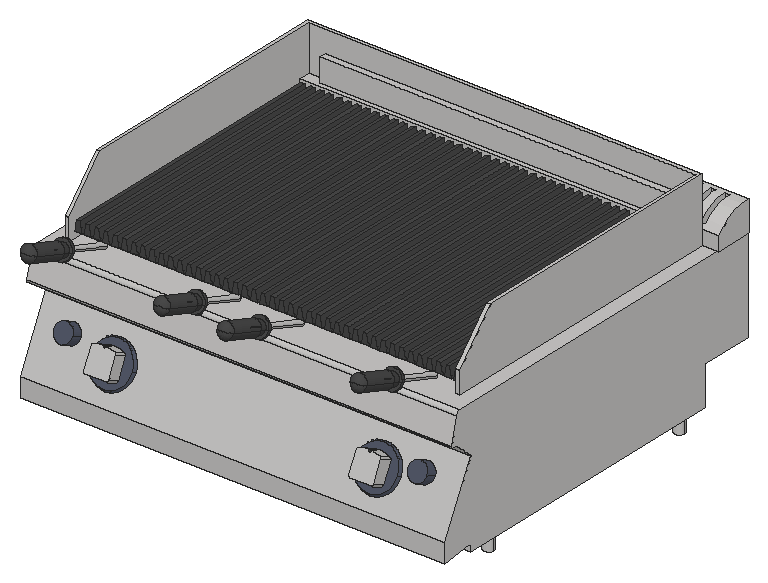
Revit family "QF_ZANUSSI_372045_Z7GRGHLC00", category Specialty Equipment, Revit 2018
Family settings
  Round Connector Dimension = Use Diameter
  Part Type = Normal
  Work Plane-Based = No
  Always vertical = Yes
  Cut with Voids When Loaded = No
  Shared = No
  Room Calculation Point = No
Parameters
  Width = 800 mm  # constant formula
  Weight in Pounds = 141  # constant formula
  Weight = 0.00 kg
  Watts = 0 W
  Volts = 0 V
  URL Manufacturer = "http://www.zanussiprofessional.com"
  URL Cutsheet = "www.electrolux.com/foodservice"
  URL = "http://www.zanussiprofessional.com"
  Type Mark [instance] = ""
  Steam Supply Size = 0"
  Steam Supply Minimum Pressure = 0.00 psi
  Steam Supply Maximum Pressure = 0.00 psi
  Steam Pounds per Hour = 0
  Status [instance] = ""
  Specification by User [instance] = ""
  Specification by Manufacturer = ""
  Show Logo [instance] = yes
  Show Clearance [instance] = yes
  Serial Number = ""
  Seismic Rating = ""
  SMACNA No = ""
  Revision Code [instance] = ""
  Refrigeration Suction Line Size = 0"
  Refrigeration Liquid Line Size = 0"
  Refrigerant Compressor Remote = yes
  Phase = 0
  Omniclass Number and Title = ""
  NAFEM Spec ID Number = ""
  Model = "Z7GRGHLC00"
  Mechanical Remarks = ""
  Mechanical Connection Type = ""
  Masterspec = ""
  Manufacturer = "Zanussi"
  Length Actual = 800 mm  # constant formula
  Item Number [instance] = "372045"
  Installed By [instance] = ""
  Identify Quantity as Lot [instance] = yes
  Hot Water Size = 0"
  Height Actual = 250 mm  # constant formula
  Height = 396 mm  # constant formula
  HP = "0 HP"
  Gas Size = 1/2"  # constant formula
  Gas RI Height [instance] = 0 mm
  Gas KW = 14  # constant formula
  Gas Input [instance] = 47726.0 Btu/h  # constant formula
  Gas Connection Height = 0 mm
  Furnished By [instance] = ""
  Foodservice Equipment Identifier [instance] = yes
  Direct Waste Size = 0"
  Description = "GAS LAVA STONE GRILL TOP 800 MM"
  Depth Actual = 700 mm  # constant formula
  Depth = 715 mm  # constant formula
  Cycle = 0 Hz
  Condensate Return Size = 0"
  Compressed Air Volume = 0 GPM
  Compressed Air Size = 0"
  Compressed Air Pressure = 0.00 psi
  Cold Water Size = 0"
  CSI MasterFormat = ""
  CSI Master Format = ""
  Base Height [instance] = 24 mm  # constant formula
  Assembly Code = ""
  Accessory = yes
Reference planes
  plane 1 "BACK": y = 0
  plane 2: z = 0
  plane 3 "LEFT": x = 0
  plane 4 "RIGHT": x = 800
  plane 5 "FRONT": y = -715
  plane 6 "TOP": z = 289
  plane 7 "Center Y": x = 400
  plane 8 "Center X": y = -357.5
  plane 9 "BASE": z = 24
  plane 10 "TOP A": z = 274
  plane 11: y = -597.884
  plane 12: y = -147.637
  plane 13: z = 396
  plane 14: y = -700
  plane 15 "panel": through (-6096, -715, 65.146) normal (0, 0.8956, -0.4448)
Forms (mm)
  Extrusion 1, solid, material "QF_Finishes_Stainless Steel"
    sketch origin (0, 0, 0) x (0, 1, 0) y (0, 0, 1)
      loop
        line (0, 98) -> (0, 274) -> (-679.358, 274)
        arc (-679.358, 274) -> (-684.643, 271.811) -> (-686.833, 266.526) r 7.474
        line (-686.833, 266.526) -> (-699.884, 221.011)
        arc (-699.884, 221.011) -> (-699.396, 218.379) -> (-697, 217.184) r 3
        line (-697, 217.184) -> (-686.802, 217.184) -> (-654.982, 185.364) -> (-715, 64.508) -> (-715, 29.508) -> (-658.645, 37.428)
        arc (-658.645, 37.428) -> (-656.101, 36.674) -> (-655, 34.259) r 3.2
        line (-655, 34.259) -> (-655, 24) -> (-103, 24) -> (-103, 98) -> (0, 98)
    from 0 to 800
  Extrusion 2, solid, material "QF_Finishes_Stainless Steel"
    sketch origin (0, 0, 0) x (1, 0, 0) y (0, 1, 0)
      loop
        circle (11.112, -147.638) r 9.525
      loop
        circle (11.112, -597.884) r 9.525
      loop
        circle (788.887, -147.638) r 9.525
      loop
        circle (788.887, -597.884) r 9.525
    from 0 to 24
  Extrusion 3, solid, material "QF_Finishes_Stainless Steel"
    sketch origin (0, -101.6, 101.6) x (0, 0, -1) y (-1, 0, 0)
      loop
        circle (43.694, -747.613) r 6.35
    from -1.4 to 3.175
  Extrusion 4, solid, material "QF_Finishes_Clearance", visible <- "Show Clearance", detail levels coarse
    sketch origin (0, 0, 0) x (1, 0, 0) y (0, 1, 0)
      loop
        line (0, -715) -> (0, 0) -> (800, 0) -> (800, -715) -> (950.019, -715) -> (950.019, 150.019) -> (-150.019, 150.019) -> (-150.019, -715) -> (0, -715)
    from 0 to 396
  Sweep 5, solid, material "QF_Finishes_Stainless Steel"
    path origin (0, -2.381, 274.638) x (-1, 0, 0) y (0, -1, 0)
      loop
        line (-764.975, 642.504) -> (-764.975, 77.504) -> (-35.025, 77.504) -> (-35.025, 642.504)
    profile origin (35.025, -362.385, 274.638) x (1, 0, 0) y (0, 0, 1)
      loop
        line (-6.35, 0) -> (0, 0) -> (0, 121.362) -> (-6.35, 121.362) -> (-6.35, 0)
  Extrusion 6, void
    sketch origin (28.675, -73.535, 274.638) x (0, 1, 0) y (0, 0, 1)
      loop
        line (-571.35, 40.481) -> (-498.32, 121.363) -> (-571.35, 121.363) -> (-571.35, 40.481)
    from 0 to 6.35
  Extrusion 7, void
    sketch origin (771.325, -644.885, 274.638) x (0, -1, 0) y (0, 0, 1)
      loop
        line (0, 40.481) -> (0, 121.362) -> (-73.03, 121.362) -> (0, 40.481)
    from 0 to 6.35
  Extrusion 8, solid, material "QF_Finishes_Black"
    sketch origin (0, 0, 274.638) x (0, -1, 0) y (1, 0, 0)
      loop
        line (614.274, 35.025) -> (614.274, 398.336) -> (102.375, 398.336) -> (102.375, 35.025) -> (614.274, 35.025)
      loop
        line (130.285, 764.975) -> (130.285, 401.536) -> (614.274, 401.536) -> (614.274, 764.975) -> (130.285, 764.975)
    from 0 to 12.7
  Extrusion 9, solid, material "QF_Finishes_Stainless Steel"
    sketch origin (0, 0, 274.638) x (0, -1, 0) y (1, 0, 0)
      loop
        line (102.375, 36.446) -> (102.375, 763.421) -> (79.885, 763.421) -> (79.885, 36.446) -> (102.375, 36.446)
    from 0 to 37.056
  Extrusion 10, solid, material "QF_Finishes_Stainless Steel"
    sketch origin (27.525, -633.969, 275.303) x (1, 0, 0) y (0, 0.34202, 0.939693)
      loop
        circle (61.287, 5.861) r 5
    from -3.7 to 98.551
  Revolve 11, solid, material "QF_Finishes_Black"
    sketch origin (20, -80.514, 80.124) x (-1, 0, 0) y (0, -0.939693, 0.34202)
      loop
        line (-68.646, 685.384) -> (-50.452, 685.384) -> (-50.452, 689.246) -> (-56.809, 689.246) -> (-54.08, 704.719) -> (-54.08, 772.936)
        arc (-54.08, 772.936) -> (-59.651, 780.542) -> (-68.646, 783.364) r 15.108
        line (-68.646, 783.364) -> (-68.646, 685.384)
      axis (-68.875, 685.384) -> (-68.875, 783.364)
    angle from 0 to 360
  Extrusion 12, solid, material "QF_Finishes_Stainless Steel"
    sketch origin (0, 0, 311.693) x (0, -1, 0) y (1, 0, 0)
      loop
        line (79.885, 66.394) -> (92.813, 66.394) -> (92.813, 733.606) -> (79.885, 733.606) -> (79.885, 66.394)
    from 0 to 43.675
  Extrusion 13, solid, material "QF_Finishes_Stainless Steel"
    sketch origin (12.25, -633.969, 275.303) x (-1, 0, 0) y (0, -0.34202, -0.939693)
      loop
        circle (-327.613, -5.861) r 5
    from -3.7 to 98.551
  Extrusion 14, solid, material "QF_Finishes_Stainless Steel"
    sketch origin (400, 175.397, 1219.2) x (0, 1, 0) y (0, 0, 1)
      loop
        line (-276.997, -1195.2) -> (-825.093, -1195.2) -> (-825.093, -1215.388) -> (-821.918, -1215.388) -> (-821.918, -1198.4) -> (-801.747, -1198.4) -> (-801.747, -1215.388) -> (-276.997, -1215.388) -> (-276.997, -1195.2)
    from -261.95 to 261.95
  Extrusion 15, solid, material "QF_Finishes_Drawer Clearance", visible <- "Show Clearance", detail levels coarse
    sketch origin (400, -649.696, 24) x (0, 0, -1) y (1, 0, 0)
      loop
        line (0, -261.95) -> (20.187, -261.95) -> (20.187, 261.95) -> (0, 261.95) -> (0, -261.95)
    from 0 to 536.054
  Revolve 16, solid, material "QF_Finishes_Black"
    sketch origin (260.002, -80.514, 80.124) x (-1, 0, 0) y (0, -0.939693, 0.34202)
      loop
        line (-79.696, 685.384) -> (-61.502, 685.384) -> (-61.502, 689.246) -> (-67.859, 689.246) -> (-65.13, 704.719) -> (-65.13, 772.936)
        arc (-65.13, 772.936) -> (-70.701, 780.542) -> (-79.696, 783.364) r 15.108
        line (-79.696, 783.364) -> (-79.696, 685.384)
      axis (-79.925, 685.384) -> (-79.925, 783.364)
    angle from 0 to 360
  Extrusion 17, solid, material "QF_Finishes_Stainless Steel"
    sketch origin (787.85, -633.969, 275.303) x (1, 0, 0) y (0, 0.34202, 0.939693)
      loop
        circle (-327.713, 5.861) r 5
    from -3.7 to 98.551
  Revolve 18, solid, material "QF_Finishes_Black"
    sketch origin (540.098, -80.514, 80.124) x (1, 0, 0) y (0, 0.939693, -0.34202)
      loop
        line (-79.796, -685.384) -> (-79.796, -783.364)
        arc (-79.796, -783.364) -> (-70.801, -780.542) -> (-65.23, -772.936) r 15.108
        line (-65.23, -772.936) -> (-65.23, -704.719) -> (-67.959, -689.246) -> (-61.602, -689.246) -> (-61.602, -685.384) -> (-79.796, -685.384)
      axis (-80.025, -685.384) -> (-80.025, -783.364)
    angle from 0 to 360
  Extrusion 19, solid, material "QF_Finishes_Stainless Steel"
    sketch origin (772.575, -633.969, 275.303) x (-1, 0, 0) y (0, -0.34202, -0.939693)
      loop
        circle (61.387, -5.861) r 5
    from -3.7 to 98.551
  Revolve 20, solid, material "QF_Finishes_Black"
    sketch origin (780.1, -80.514, 80.124) x (1, 0, 0) y (0, 0.939693, -0.34202)
      loop
        line (-68.746, -685.384) -> (-68.746, -783.364)
        arc (-68.746, -783.364) -> (-59.751, -780.542) -> (-54.18, -772.936) r 15.108
        line (-54.18, -772.936) -> (-54.18, -704.719) -> (-56.909, -689.246) -> (-50.552, -689.246) -> (-50.552, -685.384) -> (-68.746, -685.384)
      axis (-68.975, -685.384) -> (-68.975, -783.364)
    angle from 0 to 360
  Extrusion 21, solid, material "QF_Finishes_Stainless Steel"
    sketch origin (0, 0, 0) x (0, 1, 0) y (0, 0, 1)
      loop
        line (0, 274) -> (0, 331.539)
        arc (0, 331.539) -> (-38.793, 324.424) -> (-69.85, 300.113) r 82.494
        line (-69.85, 300.113) -> (-69.85, 274) -> (0, 274)
    from 0 to 400.05
  Extrusion 22, void
    sketch origin (0, 0, 274.638) x (0, -1, 0) y (1, 0, 0)
      loop
        line (6.761, 29.703) -> (63.911, 29.703) -> (63.911, 38.999) -> (6.761, 38.999) -> (6.761, 29.703)
      loop
        line (63.911, 64.487) -> (6.761, 64.487) -> (6.761, 55.191) -> (63.911, 55.191) -> (63.911, 64.487)
      loop
        line (63.911, 89.975) -> (6.761, 89.975) -> (6.761, 80.68) -> (63.911, 80.68) -> (63.911, 89.975)
      loop
        line (63.911, 115.464) -> (6.761, 115.464) -> (6.761, 106.168) -> (63.911, 106.168) -> (63.911, 115.464)
      loop
        line (63.911, 140.952) -> (6.761, 140.952) -> (6.761, 131.656) -> (63.911, 131.656) -> (63.911, 140.952)
      loop
        line (63.911, 166.44) -> (6.761, 166.44) -> (6.761, 157.145) -> (63.911, 157.145) -> (63.911, 166.44)
      loop
        line (63.911, 191.929) -> (6.761, 191.929) -> (6.761, 182.633) -> (63.911, 182.633) -> (63.911, 191.929)
      loop
        line (63.911, 217.417) -> (6.761, 217.417) -> (6.761, 208.121) -> (63.911, 208.121) -> (63.911, 217.417)
      loop
        line (63.911, 242.905) -> (6.761, 242.905) -> (6.761, 233.61) -> (63.911, 233.61) -> (63.911, 242.905)
      loop
        line (63.911, 268.394) -> (6.761, 268.394) -> (6.761, 259.098) -> (63.911, 259.098) -> (63.911, 268.394)
      loop
        line (63.911, 293.882) -> (6.761, 293.882) -> (6.761, 284.586) -> (63.911, 284.586) -> (63.911, 293.882)
      loop
        line (63.911, 319.37) -> (6.761, 319.37) -> (6.761, 310.075) -> (63.911, 310.075) -> (63.911, 319.37)
      loop
        line (63.911, 344.859) -> (6.761, 344.859) -> (6.761, 335.563) -> (63.911, 335.563) -> (63.911, 344.859)
      loop
        line (63.911, 370.347) -> (6.761, 370.347) -> (6.761, 361.051) -> (63.911, 361.051) -> (63.911, 370.347)
    from 25.4 to 63.5
  Extrusion 23, solid, material "QF_Finishes_Stainless Steel"
    sketch origin (400.05, 0, 0) x (0, 1, 0) y (0, 0, 1)
      loop
        line (0, 274) -> (0, 331.539)
        arc (0, 331.539) -> (-38.793, 324.424) -> (-69.85, 300.113) r 82.494
        line (-69.85, 300.113) -> (-69.85, 274) -> (0, 274)
    from 0 to 400.05
  Extrusion 24, void
    sketch origin (400.05, 0, 274.638) x (0, -1, 0) y (1, 0, 0)
      loop
        line (6.761, 29.653) -> (63.911, 29.653) -> (63.911, 38.949) -> (6.761, 38.949) -> (6.761, 29.653)
      loop
        line (63.911, 64.437) -> (6.761, 64.437) -> (6.761, 55.141) -> (63.911, 55.141) -> (63.911, 64.437)
      loop
        line (63.911, 89.925) -> (6.761, 89.925) -> (6.761, 80.63) -> (63.911, 80.63) -> (63.911, 89.925)
      loop
        line (63.911, 115.414) -> (6.761, 115.414) -> (6.761, 106.118) -> (63.911, 106.118) -> (63.911, 115.414)
      loop
        line (63.911, 140.902) -> (6.761, 140.902) -> (6.761, 131.606) -> (63.911, 131.606) -> (63.911, 140.902)
      loop
        line (63.911, 166.39) -> (6.761, 166.39) -> (6.761, 157.095) -> (63.911, 157.095) -> (63.911, 166.39)
      loop
        line (63.911, 191.879) -> (6.761, 191.879) -> (6.761, 182.583) -> (63.911, 182.583) -> (63.911, 191.879)
      loop
        line (63.911, 217.367) -> (6.761, 217.367) -> (6.761, 208.071) -> (63.911, 208.071) -> (63.911, 217.367)
      loop
        line (63.911, 242.855) -> (6.761, 242.855) -> (6.761, 233.56) -> (63.911, 233.56) -> (63.911, 242.855)
      loop
        line (63.911, 268.344) -> (6.761, 268.344) -> (6.761, 259.048) -> (63.911, 259.048) -> (63.911, 268.344)
      loop
        line (63.911, 293.832) -> (6.761, 293.832) -> (6.761, 284.536) -> (63.911, 284.536) -> (63.911, 293.832)
      loop
        line (63.911, 319.32) -> (6.761, 319.32) -> (6.761, 310.025) -> (63.911, 310.025) -> (63.911, 319.32)
      loop
        line (63.911, 344.809) -> (6.761, 344.809) -> (6.761, 335.513) -> (63.911, 335.513) -> (63.911, 344.809)
      loop
        line (63.911, 370.297) -> (6.761, 370.297) -> (6.761, 361.001) -> (63.911, 361.001) -> (63.911, 370.297)
    from 25.4 to 63.5
  Blend 25, solid, material "QF_Finishes_Navy Blue"
    base sketch origin (650.1, -684.991, 125.574) x (1, 0, 0) y (0, 0.444781, 0.895639)
      loop
        circle (-0.1, 0) r 42.5
    top sketch origin (650.1, -684.991, 125.574) x (1, 0, 0) y (0, 0.444781, 0.895639)
      loop
        circle (-0.1, 0) r 40.5
    from 0 to 5
  Extrusion 26, solid, material "QF_Finishes_Stainless Steel"
    sketch origin (650.1, -684.991, 125.574) x (1, 0, 0) y (0, 0.444781, 0.895639)
      loop
        arc (-21.247, 22.789) -> (-22.594, 21.685) -> (-23.1, 20.019) r 2.997
        line (-23.1, 20.019) -> (-23.1, -20.019)
        arc (-23.1, -20.019) -> (-22.222, -22.138) -> (-20.103, -23.016) r 2.997
        line (-20.103, -23.016) -> (19.903, -23.016)
        arc (19.903, -23.016) -> (22.022, -22.138) -> (22.9, -20.019) r 2.997
        line (22.9, -20.019) -> (22.9, 20.019)
        arc (22.9, 20.019) -> (22.394, 21.685) -> (21.047, 22.789) r 2.997
        arc (21.047, 22.789) -> (-0.1, 26.984) -> (-21.247, 22.789) r 55.4
    from 10 to 34
  Extrusion 27, solid, material "QF_Plastic-Black-Matte"
    sketch origin (707.6, -684.991, 125.574) x (0, 0.444781, 0.895639) y (0, -0.895639, 0.444781)
      loop
        line (26.984, 34) -> (26.984, 19) -> (27.984, 19) -> (27.984, 34)
        arc (27.984, 34) -> (27.691, 34.707) -> (26.984, 35) r 1
        line (26.984, 35) -> (23.984, 35) -> (23.984, 34) -> (26.984, 34)
    from -58.5 to -56.5
  Extrusion 28, solid, material "QF_Finishes_Stainless Steel"
    sketch origin (650.1, -684.991, 125.574) x (1, 0, 0) y (0, 0.444781, 0.895639)
      loop
        line (17.4, 17.5) -> (-17.6, 17.5) -> (-17.6, -17.5) -> (17.4, -17.5) -> (17.4, 17.5)
    from 5 to 10
  Extrusion 29, solid, material "QF_Finishes_Navy Blue"
    sketch origin (789.101, -676.095, 143.486) x (1, 0, 0) y (0, 0.444781, 0.895639)
      loop
        circle (-55.101, 0) r 18
    from 3 to 23
  Extrusion 30, solid, material "QF_Finishes_Stainless Steel"
    sketch origin (650.1, -676.095, 143.486) x (1, 0, 0) y (0, 0.444781, 0.895639)
      loop
        circle (83.9, 0) r 15
    from 3 to 0
  Blend 31, solid, material "QF_Finishes_Navy Blue"
    base sketch origin (150, -684.991, 125.574) x (1, 0, 0) y (0, 0.444781, 0.895639)
      loop
        circle (0, 0) r 42.5
    top sketch origin (150, -684.991, 125.574) x (1, 0, 0) y (0, 0.444781, 0.895639)
      loop
        circle (0, 0) r 40.5
    from 0 to 5
  Extrusion 32, solid, material "QF_Finishes_Stainless Steel"
    sketch origin (150, -684.991, 125.574) x (1, 0, 0) y (0, 0.444781, 0.895639)
      loop
        arc (-21.147, 22.789) -> (-22.494, 21.685) -> (-23, 20.019) r 2.997
        line (-23, 20.019) -> (-23, -20.019)
        arc (-23, -20.019) -> (-22.122, -22.138) -> (-20.003, -23.016) r 2.997
        line (-20.003, -23.016) -> (20.003, -23.016)
        arc (20.003, -23.016) -> (22.122, -22.138) -> (23, -20.019) r 2.997
        line (23, -20.019) -> (23, 20.019)
        arc (23, 20.019) -> (22.494, 21.685) -> (21.147, 22.789) r 2.997
        arc (21.147, 22.789) -> (0, 26.984) -> (-21.147, 22.789) r 55.4
    from 10 to 34
  Extrusion 33, solid, material "QF_Plastic-Black-Matte"
    sketch origin (207.5, -684.991, 125.574) x (0, 0.444781, 0.895639) y (0, -0.895639, 0.444781)
      loop
        line (26.984, 34) -> (26.984, 19) -> (27.984, 19) -> (27.984, 34)
        arc (27.984, 34) -> (27.691, 34.707) -> (26.984, 35) r 1
        line (26.984, 35) -> (23.984, 35) -> (23.984, 34) -> (26.984, 34)
    from -58.5 to -56.5
  Extrusion 34, solid, material "QF_Finishes_Stainless Steel"
    sketch origin (150, -684.991, 125.574) x (1, 0, 0) y (0, 0.444781, 0.895639)
      loop
        line (17.5, 17.5) -> (-17.5, 17.5) -> (-17.5, -17.5) -> (17.5, -17.5) -> (17.5, 17.5)
    from 5 to 10
  Extrusion 35, solid, material "QF_Finishes_Navy Blue"
    sketch origin (10.999, -676.095, 143.486) x (-1, 0, 0) y (0, -0.444781, -0.895639)
      loop
        circle (-55.001, 0) r 18
    from 3 to 23
  Extrusion 36, solid, material "QF_Finishes_Stainless Steel"
    sketch origin (150, -676.095, 143.486) x (-1, 0, 0) y (0, -0.444781, -0.895639)
      loop
        circle (84, 0) r 15
    from 3 to 0
Cuts and joins
  Extrusion 6, Extrusion 7 cuts Sweep 5
  Extrusion 24 cuts Extrusion 23
  Extrusion 22 cuts Extrusion 21
Lines and regions (mm)
  Split face 1
    outline origin (650.1, -689.469, 127.797) x (1, 0, 0) y (0, 0.444781, 0.895639)
      loop
        circle (-33, 0) r 3
  Split face 2
    outline origin (656.001, -689.469, 127.797) x (1, 0, 0) y (0, 0.444781, 0.895639)
      loop
        line (-8.901, 38.561) -> (-8.901, 28.561) -> (-2.901, 28.561) -> (-2.901, 38.561) -> (-8.901, 38.561)
  Split face 3
    outline origin (656.001, -689.469, 127.797) x (1, 0, 0) y (0, 0.444781, 0.895639)
      loop
        line (-8.401, 38.061) -> (-8.401, 29.061) -> (-3.401, 29.061) -> (-3.401, 38.061) -> (-8.401, 38.061)
  Split face 4
    outline origin (656.001, -689.469, 127.797) x (1, 0, 0) y (0, 0.444781, 0.895639)
      loop
        line (-8.401, 34.061) -> (-3.401, 34.061)
  Split face 5
    outline origin (656.001, -689.469, 127.797) x (1, 0, 0) y (0, 0.444781, 0.895639)
      loop
        line (-8.401, 33.561) -> (-3.401, 33.561)
  Split face 6
    outline origin (675.757, -675.159, 156.613) x (-1, 0, 0) y (0, -0.444781, -0.895639)
      loop
        circle (43.456, 61.543) r 1.5
  Split face 7
    outline origin (656.001, -689.469, 127.797) x (1, 0, 0) y (0, 0.444781, 0.895639)
      loop
        circle (-5.901, 31.311) r 2.029
  Split face 8
    outline origin (650.1, -689.469, 127.797) x (1, 0, 0) y (0, 0.444781, 0.895639)
      loop
        circle (-24.487, 26.694) r 3.497
  Split face 9
    outline origin (150, -689.469, 127.797) x (1, 0, 0) y (0, 0.444781, 0.895639)
      loop
        circle (-33, 0) r 3
  Split face 10
    outline origin (155.901, -689.469, 127.797) x (1, 0, 0) y (0, 0.444781, 0.895639)
      loop
        line (-8.901, 38.561) -> (-8.901, 28.561) -> (-2.901, 28.561) -> (-2.901, 38.561) -> (-8.901, 38.561)
  Split face 11
    outline origin (155.901, -689.469, 127.797) x (1, 0, 0) y (0, 0.444781, 0.895639)
      loop
        line (-8.401, 38.061) -> (-8.401, 29.061) -> (-3.401, 29.061) -> (-3.401, 38.061) -> (-8.401, 38.061)
  Split face 12
    outline origin (155.901, -689.469, 127.797) x (1, 0, 0) y (0, 0.444781, 0.895639)
      loop
        line (-8.401, 34.061) -> (-3.401, 34.061)
  Split face 13
    outline origin (155.901, -689.469, 127.797) x (1, 0, 0) y (0, 0.444781, 0.895639)
      loop
        line (-8.401, 33.561) -> (-3.401, 33.561)
  Split face 14
    outline origin (175.657, -675.159, 156.613) x (-1, 0, 0) y (0, -0.444781, -0.895639)
      loop
        circle (43.456, 61.543) r 1.5
  Split face 15
    outline origin (155.901, -689.469, 127.797) x (1, 0, 0) y (0, 0.444781, 0.895639)
      loop
        circle (-5.901, 31.311) r 2.029
  Split face 16
    outline origin (150, -689.469, 127.797) x (1, 0, 0) y (0, 0.444781, 0.895639)
      loop
        circle (-24.487, 26.694) r 3.497
  symbolic lines, style "QF-Clearances", visible <- "Show Clearance", detail levels coarse
    curve 1: line (950.019, 150.019, 274) -> (-150.019, 150.019, 274)
    curve 2: line (950.019, -715, 274) -> (950.019, 150.019, 274)
    curve 3: line (-150.019, 150.019, 274.638) -> (-150.019, -715, 274.638)
    curve 4: line (692.144, 150.019, 274.638) -> (-150.019, 150.019, 274.638)
  symbolic lines
    curve 5: line (0, -715, 274.638) -> (0, 0, 274.638)
    curve 6: line (800, 0, 274.638) -> (800, -714.996, 274.638)
    curve 7: line (35.025, -79.885, 274.638) -> (35.025, -644.885, 274.638)
    curve 8: line (28.675, -644.885, 274.638) -> (35.025, -644.885, 274.638)
    curve 9: line (764.975, -644.885, 274.638) -> (764.975, -79.885, 274.638)
    curve 10: line (764.975, -79.885, 274.638) -> (35.025, -79.885, 274.638)
    curve 11: line (800, -714.996, 274.638) -> (730.544, -714.996, 274.638)
    curve 12: line (28.675, -73.535, 274.638) -> (28.675, -644.885, 274.638)
    curve 13: line (28.675, -73.535, 274.638) -> (771.325, -73.535, 274.638)
    curve 14: line (771.325, -73.535, 274.638) -> (771.325, -644.885, 274.638)
    curve 15: line (764.975, -644.885, 274.638) -> (771.325, -644.885, 274.638)
    curve 16: line (83.812, -715, 274.638) -> (0, -715, 274.638)
    curve 17: line (36.446, -102.375, 274.638) -> (36.446, -79.885, 274.638)
    curve 18: line (763.421, -102.375, 274.638) -> (36.446, -102.375, 274.638)
    curve 19: line (763.421, -79.464, 274.638) -> (763.421, -102.375, 274.638)
    curve 20: line (66.394, -92.813, 274) -> (66.394, -79.885, 274)
    curve 21: line (66.394, -92.813, 274) -> (733.606, -92.813, 274)
    curve 22: line (733.606, -92.813, 274) -> (733.606, -79.885, 274)
    curve 26: line (35.025, -631.964, 274) -> (764.975, -631.964, 274)
    curve 27: line (0, 0, 274.638) -> (800, 0, 274.638)
    curve 28: line (0, -69.85, 274.638) -> (800, -69.85, 274.638)
    curve 29: line (0, 0, 274.638) -> (800, 0, 274.638)
    curve 30: line (0, -69.85, 274.638) -> (800, -69.85, 274.638)
    curve 31: line (29.703, -6.761, 0) -> (38.999, -6.761, 0)
    curve 32: line (29.703, -63.911, 0) -> (29.703, -6.761, 0)
    curve 33: line (38.999, -63.911, 0) -> (29.703, -63.911, 0)
    curve 34: line (38.999, -6.761, 0) -> (38.999, -63.911, 0)
    curve 35: line (55.191, -6.761, 0) -> (64.487, -6.761, 0)
    curve 36: line (55.191, -63.911, 0) -> (55.191, -6.761, 0)
    curve 37: line (64.487, -63.911, 0) -> (55.191, -63.911, 0)
    curve 38: line (64.487, -6.761, 0) -> (64.487, -63.911, 0)
    curve 39: line (80.68, -6.761, 0) -> (89.975, -6.761, 0)
    curve 40: line (80.68, -63.911, 0) -> (80.68, -6.761, 0)
    curve 41: line (89.975, -63.911, 0) -> (80.68, -63.911, 0)
    curve 42: line (89.975, -6.761, 0) -> (89.975, -63.911, 0)
    curve 43: line (106.168, -6.761, 0) -> (115.464, -6.761, 0)
    curve 44: line (106.168, -63.911, 0) -> (106.168, -6.761, 0)
    curve 45: line (115.464, -63.911, 0) -> (106.168, -63.911, 0)
    curve 46: line (115.464, -6.761, 0) -> (115.464, -63.911, 0)
    curve 47: line (131.656, -6.761, 0) -> (140.952, -6.761, 0)
    curve 48: line (131.656, -63.911, 0) -> (131.656, -6.761, 0)
    curve 49: line (140.952, -63.911, 0) -> (131.656, -63.911, 0)
    curve 50: line (140.952, -6.761, 0) -> (140.952, -63.911, 0)
    curve 51: line (157.145, -6.761, 0) -> (166.44, -6.761, 0)
    curve 52: line (157.145, -63.911, 0) -> (157.145, -6.761, 0)
    curve 53: line (166.44, -63.911, 0) -> (157.145, -63.911, 0)
    curve 54: line (166.44, -6.761, 0) -> (166.44, -63.911, 0)
    curve 55: line (182.633, -6.761, 0) -> (191.929, -6.761, 0)
    curve 56: line (182.633, -63.911, 0) -> (182.633, -6.761, 0)
    curve 57: line (191.929, -63.911, 0) -> (182.633, -63.911, 0)
    curve 58: line (191.929, -6.761, 0) -> (191.929, -63.911, 0)
    curve 59: line (208.121, -6.761, 0) -> (217.417, -6.761, 0)
    curve 60: line (208.121, -63.911, 0) -> (208.121, -6.761, 0)
    curve 61: line (217.417, -63.911, 0) -> (208.121, -63.911, 0)
    curve 62: line (217.417, -6.761, 0) -> (217.417, -63.911, 0)
    curve 63: line (233.61, -6.761, 0) -> (242.905, -6.761, 0)
    curve 64: line (233.61, -63.911, 0) -> (233.61, -6.761, 0)
    curve 65: line (242.905, -63.911, 0) -> (233.61, -63.911, 0)
    curve 66: line (242.905, -6.761, 0) -> (242.905, -63.911, 0)
    curve 67: line (259.098, -6.761, 0) -> (268.394, -6.761, 0)
    curve 68: line (259.098, -63.911, 0) -> (259.098, -6.761, 0)
    curve 69: line (268.394, -63.911, 0) -> (259.098, -63.911, 0)
    curve 70: line (268.394, -6.761, 0) -> (268.394, -63.911, 0)
    curve 71: line (284.586, -6.761, 0) -> (293.882, -6.761, 0)
    curve 72: line (284.586, -63.911, 0) -> (284.586, -6.761, 0)
    curve 73: line (293.882, -63.911, 0) -> (284.586, -63.911, 0)
    curve 74: line (293.882, -6.761, 0) -> (293.882, -63.911, 0)
    curve 75: line (310.075, -6.761, 0) -> (319.37, -6.761, 0)
    curve 76: line (310.075, -63.911, 0) -> (310.075, -6.761, 0)
    curve 77: line (319.37, -63.911, 0) -> (310.075, -63.911, 0)
    curve 78: line (319.37, -6.761, 0) -> (319.37, -63.911, 0)
    curve 79: line (335.563, -6.761, 0) -> (344.859, -6.761, 0)
    curve 80: line (335.563, -63.911, 0) -> (335.563, -6.761, 0)
    curve 81: line (344.859, -63.911, 0) -> (335.563, -63.911, 0)
    curve 82: line (344.859, -6.761, 0) -> (344.859, -63.911, 0)
    curve 83: line (361.051, -6.761, 0) -> (370.347, -6.761, 0)
    curve 84: line (361.051, -63.911, 0) -> (361.051, -6.761, 0)
    curve 85: line (370.347, -63.911, 0) -> (361.051, -63.911, 0)
    curve 86: line (370.347, -6.761, 0) -> (370.347, -63.911, 0)
    curve 87: line (400, 0, 0) -> (400, -69.85, 0)
    curve 88: line (770.347, -6.761, 0) -> (761.051, -6.761, 0)
    curve 89: line (770.347, -63.911, 0) -> (770.347, -6.761, 0)
    curve 90: line (761.051, -63.911, 0) -> (770.347, -63.911, 0)
    curve 91: line (761.051, -6.761, 0) -> (761.051, -63.911, 0)
    curve 92: line (744.859, -6.761, 0) -> (735.563, -6.761, 0)
    curve 93: line (744.859, -63.911, 0) -> (744.859, -6.761, 0)
    curve 94: line (735.563, -63.911, 0) -> (744.859, -63.911, 0)
    curve 95: line (735.563, -6.761, 0) -> (735.563, -63.911, 0)
    curve 96: line (719.37, -6.761, 0) -> (710.075, -6.761, 0)
    curve 97: line (719.37, -63.911, 0) -> (719.37, -6.761, 0)
    curve 98: line (710.075, -63.911, 0) -> (719.37, -63.911, 0)
    curve 99: line (710.075, -6.761, 0) -> (710.075, -63.911, 0)
    curve 100: line (693.882, -6.761, 0) -> (684.586, -6.761, 0)
    curve 101: line (693.882, -63.911, 0) -> (693.882, -6.761, 0)
    curve 102: line (684.586, -63.911, 0) -> (693.882, -63.911, 0)
    curve 103: line (684.586, -6.761, 0) -> (684.586, -63.911, 0)
    curve 104: line (668.394, -6.761, 0) -> (659.098, -6.761, 0)
    curve 105: line (668.394, -63.911, 0) -> (668.394, -6.761, 0)
    curve 106: line (659.098, -63.911, 0) -> (668.394, -63.911, 0)
    curve 107: line (659.098, -6.761, 0) -> (659.098, -63.911, 0)
    curve 108: line (642.905, -6.761, 0) -> (633.61, -6.761, 0)
    curve 109: line (642.905, -63.911, 0) -> (642.905, -6.761, 0)
    curve 110: line (633.61, -63.911, 0) -> (642.905, -63.911, 0)
    curve 111: line (633.61, -6.761, 0) -> (633.61, -63.911, 0)
    curve 112: line (617.417, -6.761, 0) -> (608.121, -6.761, 0)
    curve 113: line (617.417, -63.911, 0) -> (617.417, -6.761, 0)
    curve 114: line (608.121, -63.911, 0) -> (617.417, -63.911, 0)
    curve 115: line (608.121, -6.761, 0) -> (608.121, -63.911, 0)
    curve 116: line (591.929, -6.761, 0) -> (582.633, -6.761, 0)
    curve 117: line (591.929, -63.911, 0) -> (591.929, -6.761, 0)
    curve 118: line (582.633, -63.911, 0) -> (591.929, -63.911, 0)
    curve 119: line (582.633, -6.761, 0) -> (582.633, -63.911, 0)
    curve 120: line (566.44, -6.761, 0) -> (557.145, -6.761, 0)
    curve 121: line (566.44, -63.911, 0) -> (566.44, -6.761, 0)
    curve 122: line (557.145, -63.911, 0) -> (566.44, -63.911, 0)
    curve 123: line (557.145, -6.761, 0) -> (557.145, -63.911, 0)
    curve 124: line (540.952, -6.761, 0) -> (531.656, -6.761, 0)
    curve 125: line (540.952, -63.911, 0) -> (540.952, -6.761, 0)
    curve 126: line (531.656, -63.911, 0) -> (540.952, -63.911, 0)
    curve 127: line (531.656, -6.761, 0) -> (531.656, -63.911, 0)
    curve 128: line (515.464, -6.761, 0) -> (506.168, -6.761, 0)
    curve 129: line (515.464, -63.911, 0) -> (515.464, -6.761, 0)
    curve 130: line (506.168, -63.911, 0) -> (515.464, -63.911, 0)
    curve 131: line (506.168, -6.761, 0) -> (506.168, -63.911, 0)
    curve 132: line (489.975, -6.761, 0) -> (480.68, -6.761, 0)
    curve 133: line (489.975, -63.911, 0) -> (489.975, -6.761, 0)
    curve 134: line (480.68, -63.911, 0) -> (489.975, -63.911, 0)
    curve 135: line (480.68, -6.761, 0) -> (480.68, -63.911, 0)
    curve 136: line (464.487, -6.761, 0) -> (455.191, -6.761, 0)
    curve 137: line (464.487, -63.911, 0) -> (464.487, -6.761, 0)
    curve 138: line (455.191, -63.911, 0) -> (464.487, -63.911, 0)
    curve 139: line (455.191, -6.761, 0) -> (455.191, -63.911, 0)
    curve 140: line (438.999, -6.761, 0) -> (429.703, -6.761, 0)
    curve 141: line (438.999, -63.911, 0) -> (438.999, -6.761, 0)
    curve 142: line (429.703, -63.911, 0) -> (438.999, -63.911, 0)
    curve 143: line (429.703, -6.761, 0) -> (429.703, -63.911, 0)
    curve 144: line (0, -700, 0) -> (83.812, -700, 0)
    curve 145: line (127, -700, 0) -> (127, -724.347, 0)
    curve 146: arc (127, -724.347, 0) -> (127.146, -724.811, 0) -> (127.532, -725.107, 0) r 0.809
    curve 147: arc (127.532, -725.107, 0) -> (128.72, -725.587, 0) -> (129.997, -725.68, 0) r 4.127
    curve 148: arc (127, -704.292, 0) -> (121.959, -702.458, 0) -> (117.191, -700, 0) r 42.24
    curve 149: arc (127, -706.539, 0) -> (127.502, -705.818, 0) -> (128.299, -705.448, 0) r 1.682
    curve 150: arc (128.299, -705.448, 0) -> (138.602, -703.95, 0) -> (149, -703.441, 0) r 109.079
    curve 151: line (149, -700, 0) -> (149, -705.671, 0)
    curve 152: line (149, -705.671, 0) -> (151, -705.671, 0)
    curve 153: line (151, -705.671, 0) -> (151, -700, 0)
    curve 154: line (173, -700, 0) -> (173, -724.347, 0)
    curve 155: arc (173, -724.347, 0) -> (172.854, -724.811, 0) -> (172.468, -725.107, 0) r 0.809
    curve 156: arc (172.468, -725.107, 0) -> (171.28, -725.587, 0) -> (170.003, -725.68, 0) r 4.127
    curve 157: arc (173, -704.292, 0) -> (178.041, -702.458, 0) -> (182.809, -700, 0) r 42.24
    curve 158: arc (173, -706.539, 0) -> (172.498, -705.818, 0) -> (171.701, -705.448, 0) r 1.682
    curve 159: arc (171.701, -705.448, 0) -> (161.398, -703.95, 0) -> (151, -703.441, 0) r 109.079
    curve 160: line (129.997, -725.68, 0) -> (170.003, -725.68, 0)
    curve 161: line (673.05, -700, 0) -> (673.05, -724.347, 0)
    curve 162: arc (673.05, -724.347, 0) -> (672.904, -724.811, 0) -> (672.518, -725.107, 0) r 0.809
    curve 163: arc (672.518, -725.107, 0) -> (671.33, -725.587, 0) -> (670.053, -725.68, 0) r 4.127
    curve 164: arc (673.05, -704.292, 0) -> (678.091, -702.458, 0) -> (682.859, -700, 0) r 42.24
    curve 165: arc (673.05, -706.539, 0) -> (672.548, -705.818, 0) -> (671.751, -705.448, 0) r 1.682
    curve 166: arc (671.751, -705.448, 0) -> (661.448, -703.95, 0) -> (651.05, -703.441, 0) r 109.079
    curve 167: line (651.05, -700, 0) -> (651.05, -705.671, 0)
    curve 168: line (651.05, -705.671, 0) -> (649.05, -705.671, 0)
    curve 169: line (649.05, -705.671, 0) -> (649.05, -700, 0)
    curve 170: line (627.05, -700, 0) -> (627.05, -724.347, 0)
    curve 171: arc (627.05, -724.347, 0) -> (627.196, -724.811, 0) -> (627.582, -725.107, 0) r 0.809
    curve 172: arc (627.582, -725.107, 0) -> (628.77, -725.587, 0) -> (630.047, -725.68, 0) r 4.127
    curve 173: arc (627.05, -704.292, 0) -> (622.009, -702.458, 0) -> (617.241, -700, 0) r 42.24
    curve 174: arc (627.05, -706.539, 0) -> (627.552, -705.818, 0) -> (628.349, -705.448, 0) r 1.682
    curve 175: arc (628.349, -705.448, 0) -> (638.652, -703.95, 0) -> (649.05, -703.441, 0) r 109.079
    curve 176: line (670.053, -725.68, 0) -> (630.047, -725.68, 0)
    curve 177: line (173, -715, 0) -> (334.863, -715, 0)
    curve 178: line (673.05, -715, 0) -> (706.238, -715, 0)
    curve 179: line (93.812, -715, 0) -> (127, -715, 0)
    curve 180: spline (49.605, -700, 0) -> (51.313, -701.323, 0) -> (53.554, -702.479, 0) -> (56.247, -703.424, 0) -> (59.294, -704.125, 0) -> (62.585, -704.556, 0) -> (66, -704.701, 0) -> (69.415, -704.556, 0) -> (72.706, -704.125, 0) -> (75.753, -703.424, 0) -> (78.446, -702.479, 0) -> (80.687, -701.323, 0) -> (82.395, -700, 0)
    curve 181: line (83.812, -628.487, 0) -> (83.812, -724.572, 0)
    curve 182: line (93.812, -628.487, 0) -> (93.812, -724.572, 0)
    curve 183: spline (83.812, -724.572, 0) -> (83.982, -725.015, 0) -> (84.481, -725.427, 0) -> (85.276, -725.781, 0) -> (86.312, -726.053, 0) -> (87.517, -726.224, 0) -> (88.812, -726.282, 0) -> (90.106, -726.224, 0) -> (91.312, -726.053, 0) -> (92.347, -725.781, 0) -> (93.142, -725.427, 0) -> (93.641, -725.015, 0) -> (93.812, -724.572, 0)
    curve 184: spline (107.298, -724.564, 0) -> (106.67, -722.933, 0) -> (104.83, -721.414, 0) -> (101.902, -720.109, 0) -> (98.087, -719.107, 0) -> (93.643, -718.478, 0) -> (88.875, -718.263, 0) -> (84.107, -718.478, 0) -> (79.663, -719.107, 0) -> (75.848, -720.109, 0) -> (72.92, -721.414, 0) -> (71.079, -722.933, 0) -> (70.452, -724.564, 0)
    curve 185: spline (76.809, -728.194, 0) -> (77.22, -727.125, 0) -> (78.425, -726.13, 0) -> (80.343, -725.275, 0) -> (82.842, -724.62, 0) -> (85.752, -724.207, 0) -> (88.875, -724.067, 0) -> (91.998, -724.207, 0) -> (94.908, -724.62, 0) -> (97.407, -725.275, 0) -> (99.325, -726.13, 0) -> (100.53, -727.125, 0) -> (100.941, -728.194, 0)
    curve 186: spline (74.08, -742.733, 0) -> (74.584, -741.424, 0) -> (76.062, -740.203, 0) -> (78.414, -739.155, 0) -> (81.478, -738.351, 0) -> (85.046, -737.846, 0) -> (88.875, -737.673, 0) -> (92.704, -737.846, 0) -> (96.272, -738.351, 0) -> (99.336, -739.155, 0) -> (101.687, -740.203, 0) -> (103.165, -741.424, 0) -> (103.67, -742.733, 0)
    curve 187: spline (74.08, -806.837, 0) -> (74.584, -805.527, 0) -> (76.062, -804.307, 0) -> (78.414, -803.259, 0) -> (81.478, -802.454, 0) -> (85.046, -801.949, 0) -> (88.875, -801.777, 0) -> (92.704, -801.949, 0) -> (96.272, -802.454, 0) -> (99.336, -803.259, 0) -> (101.687, -804.307, 0) -> (103.165, -805.527, 0) -> (103.67, -806.837, 0)
    curve 188: spline (70.452, -728.194, 0) -> (71.079, -726.563, 0) -> (72.92, -725.043, 0) -> (75.848, -723.738, 0) -> (79.663, -722.737, 0) -> (84.107, -722.107, 0) -> (88.875, -721.892, 0) -> (93.643, -722.107, 0) -> (98.087, -722.737, 0) -> (101.902, -723.738, 0) -> (104.83, -725.043, 0) -> (106.67, -726.563, 0) -> (107.298, -728.194, 0)
    curve 189: spline (107.298, -728.194, 0) -> (106.67, -729.824, 0) -> (104.83, -731.344, 0) -> (101.902, -732.649, 0) -> (98.087, -733.651, 0) -> (93.643, -734.28, 0) -> (88.875, -734.495, 0) -> (84.107, -734.28, 0) -> (79.663, -733.651, 0) -> (75.848, -732.649, 0) -> (72.92, -731.344, 0) -> (71.079, -729.824, 0) -> (70.452, -728.194, 0)
    curve 190: arc (74.08, -806.837, 0) -> (88.875, -817.779, 0) -> (103.67, -806.837, 0) r 15.473
    curve 191: line (74.08, -806.837, 0) -> (74.08, -742.733, 0)
    curve 192: line (103.67, -742.733, 0) -> (103.67, -806.837, 0)
    curve 193: line (76.809, -728.194, 0) -> (74.08, -742.733, 0)
    curve 194: line (100.941, -728.194, 0) -> (103.67, -742.733, 0)
    curve 195: spline (83.812, -628.487, 0) -> (83.982, -628.044, 0) -> (84.481, -627.632, 0) -> (85.276, -627.278, 0) -> (86.312, -627.006, 0) -> (87.517, -626.835, 0) -> (88.812, -626.777, 0) -> (90.106, -626.835, 0) -> (91.312, -627.006, 0) -> (92.347, -627.278, 0) -> (93.142, -627.632, 0) -> (93.641, -628.044, 0) -> (93.812, -628.487, 0)
    curve 196: line (334.863, -628.487, 0) -> (334.863, -724.572, 0)
    curve 197: line (344.863, -628.487, 0) -> (344.863, -724.572, 0)
    curve 198: spline (334.863, -724.572, 0) -> (335.034, -725.015, 0) -> (335.533, -725.427, 0) -> (336.328, -725.781, 0) -> (337.363, -726.053, 0) -> (338.569, -726.224, 0) -> (339.863, -726.282, 0) -> (341.158, -726.224, 0) -> (342.363, -726.053, 0) -> (343.399, -725.781, 0) -> (344.194, -725.427, 0) -> (344.693, -725.015, 0) -> (344.863, -724.572, 0)
    curve 199: spline (358.35, -724.564, 0) -> (357.722, -722.933, 0) -> (355.882, -721.414, 0) -> (352.954, -720.109, 0) -> (349.139, -719.107, 0) -> (344.695, -718.478, 0) -> (339.927, -718.263, 0) -> (335.159, -718.478, 0) -> (330.715, -719.107, 0) -> (326.9, -720.109, 0) -> (323.972, -721.414, 0) -> (322.131, -722.933, 0) -> (321.504, -724.564, 0)
    curve 200: spline (327.861, -728.194, 0) -> (328.272, -727.125, 0) -> (329.477, -726.13, 0) -> (331.395, -725.275, 0) -> (333.894, -724.62, 0) -> (336.804, -724.207, 0) -> (339.927, -724.067, 0) -> (343.05, -724.207, 0) -> (345.96, -724.62, 0) -> (348.459, -725.275, 0) -> (350.377, -726.13, 0) -> (351.582, -727.125, 0) -> (351.993, -728.194, 0)
    curve 201: spline (325.132, -742.733, 0) -> (325.636, -741.424, 0) -> (327.114, -740.203, 0) -> (329.466, -739.155, 0) -> (332.53, -738.351, 0) -> (336.098, -737.846, 0) -> (339.927, -737.673, 0) -> (343.756, -737.846, 0) -> (347.324, -738.351, 0) -> (350.388, -739.155, 0) -> (352.739, -740.203, 0) -> (354.217, -741.424, 0) -> (354.722, -742.733, 0)
    curve 202: spline (325.132, -806.837, 0) -> (325.636, -805.527, 0) -> (327.114, -804.307, 0) -> (329.466, -803.259, 0) -> (332.53, -802.454, 0) -> (336.098, -801.949, 0) -> (339.927, -801.777, 0) -> (343.756, -801.949, 0) -> (347.324, -802.454, 0) -> (350.388, -803.259, 0) -> (352.739, -804.307, 0) -> (354.217, -805.527, 0) -> (354.722, -806.837, 0)
    curve 203: spline (321.504, -728.194, 0) -> (322.131, -726.563, 0) -> (323.972, -725.043, 0) -> (326.9, -723.738, 0) -> (330.715, -722.737, 0) -> (335.159, -722.107, 0) -> (339.927, -721.892, 0) -> (344.695, -722.107, 0) -> (349.139, -722.737, 0) -> (352.954, -723.738, 0) -> (355.882, -725.043, 0) -> (357.722, -726.563, 0) -> (358.35, -728.194, 0)
    curve 204: spline (358.35, -728.194, 0) -> (357.722, -729.824, 0) -> (355.882, -731.344, 0) -> (352.954, -732.649, 0) -> (349.139, -733.651, 0) -> (344.695, -734.28, 0) -> (339.927, -734.495, 0) -> (335.159, -734.28, 0) -> (330.715, -733.651, 0) -> (326.9, -732.649, 0) -> (323.972, -731.344, 0) -> (322.131, -729.824, 0) -> (321.504, -728.194, 0)
    curve 205: arc (325.132, -806.837, 0) -> (339.927, -817.779, 0) -> (354.722, -806.837, 0) r 15.473
    curve 206: line (325.132, -806.837, 0) -> (325.132, -742.733, 0)
    curve 207: line (354.722, -742.733, 0) -> (354.722, -806.837, 0)
    curve 208: line (327.861, -728.194, 0) -> (325.132, -742.733, 0)
    curve 209: line (351.993, -728.194, 0) -> (354.722, -742.733, 0)
    curve 210: spline (334.863, -628.487, 0) -> (335.034, -628.044, 0) -> (335.533, -627.632, 0) -> (336.328, -627.278, 0) -> (337.363, -627.006, 0) -> (338.569, -626.835, 0) -> (339.863, -626.777, 0) -> (341.158, -626.835, 0) -> (342.363, -627.006, 0) -> (343.399, -627.278, 0) -> (344.194, -627.632, 0) -> (344.693, -628.044, 0) -> (344.863, -628.487, 0)
    curve 211: line (455.137, -628.487, 0) -> (455.137, -724.572, 0)
    curve 212: line (465.137, -628.487, 0) -> (465.137, -724.572, 0)
    curve 213: spline (455.137, -724.572, 0) -> (455.307, -725.015, 0) -> (455.806, -725.427, 0) -> (456.601, -725.781, 0) -> (457.637, -726.053, 0) -> (458.842, -726.224, 0) -> (460.137, -726.282, 0) -> (461.431, -726.224, 0) -> (462.637, -726.053, 0) -> (463.672, -725.781, 0) -> (464.467, -725.427, 0) -> (464.966, -725.015, 0) -> (465.137, -724.572, 0)
    curve 214: spline (478.623, -724.564, 0) -> (477.995, -722.933, 0) -> (476.155, -721.414, 0) -> (473.227, -720.109, 0) -> (469.412, -719.107, 0) -> (464.968, -718.478, 0) -> (460.2, -718.263, 0) -> (455.432, -718.478, 0) -> (450.988, -719.107, 0) -> (447.173, -720.109, 0) -> (444.245, -721.414, 0) -> (442.404, -722.933, 0) -> (441.777, -724.564, 0)
    curve 215: spline (448.134, -728.194, 0) -> (448.545, -727.125, 0) -> (449.75, -726.13, 0) -> (451.668, -725.275, 0) -> (454.167, -724.62, 0) -> (457.077, -724.207, 0) -> (460.2, -724.067, 0) -> (463.323, -724.207, 0) -> (466.233, -724.62, 0) -> (468.732, -725.275, 0) -> (470.65, -726.13, 0) -> (471.855, -727.125, 0) -> (472.266, -728.194, 0)
    curve 216: spline (445.405, -742.733, 0) -> (445.909, -741.424, 0) -> (447.387, -740.203, 0) -> (449.739, -739.155, 0) -> (452.803, -738.351, 0) -> (456.371, -737.846, 0) -> (460.2, -737.673, 0) -> (464.029, -737.846, 0) -> (467.597, -738.351, 0) -> (470.661, -739.155, 0) -> (473.012, -740.203, 0) -> (474.49, -741.424, 0) -> (474.995, -742.733, 0)
    curve 217: spline (445.405, -806.837, 0) -> (445.909, -805.527, 0) -> (447.387, -804.307, 0) -> (449.739, -803.259, 0) -> (452.803, -802.454, 0) -> (456.371, -801.949, 0) -> (460.2, -801.777, 0) -> (464.029, -801.949, 0) -> (467.597, -802.454, 0) -> (470.661, -803.259, 0) -> (473.012, -804.307, 0) -> (474.49, -805.527, 0) -> (474.995, -806.837, 0)
    curve 218: spline (441.777, -728.194, 0) -> (442.404, -726.563, 0) -> (444.245, -725.043, 0) -> (447.173, -723.738, 0) -> (450.988, -722.737, 0) -> (455.432, -722.107, 0) -> (460.2, -721.892, 0) -> (464.968, -722.107, 0) -> (469.412, -722.737, 0) -> (473.227, -723.738, 0) -> (476.155, -725.043, 0) -> (477.995, -726.563, 0) -> (478.623, -728.194, 0)
    curve 219: spline (478.623, -728.194, 0) -> (477.995, -729.824, 0) -> (476.155, -731.344, 0) -> (473.227, -732.649, 0) -> (469.412, -733.651, 0) -> (464.968, -734.28, 0) -> (460.2, -734.495, 0) -> (455.432, -734.28, 0) -> (450.988, -733.651, 0) -> (447.173, -732.649, 0) -> (444.245, -731.344, 0) -> (442.404, -729.824, 0) -> (441.777, -728.194, 0)
    curve 220: arc (445.405, -806.837, 0) -> (460.2, -817.779, 0) -> (474.995, -806.837, 0) r 15.473
    curve 221: line (445.405, -806.837, 0) -> (445.405, -742.733, 0)
    curve 222: line (474.995, -742.733, 0) -> (474.995, -806.837, 0)
    curve 223: line (448.134, -728.194, 0) -> (445.405, -742.733, 0)
    curve 224: line (472.266, -728.194, 0) -> (474.995, -742.733, 0)
    curve 225: spline (455.137, -628.487, 0) -> (455.307, -628.044, 0) -> (455.806, -627.632, 0) -> (456.601, -627.278, 0) -> (457.637, -627.006, 0) -> (458.842, -626.835, 0) -> (460.137, -626.777, 0) -> (461.431, -626.835, 0) -> (462.637, -627.006, 0) -> (463.672, -627.278, 0) -> (464.467, -627.632, 0) -> (464.966, -628.044, 0) -> (465.137, -628.487, 0)
    curve 226: line (706.238, -628.487, 0) -> (706.238, -724.572, 0)
    curve 227: line (716.238, -628.487, 0) -> (716.238, -724.572, 0)
    curve 228: spline (706.238, -724.572, 0) -> (706.409, -725.015, 0) -> (706.908, -725.427, 0) -> (707.703, -725.781, 0) -> (708.738, -726.053, 0) -> (709.944, -726.224, 0) -> (711.238, -726.282, 0) -> (712.533, -726.224, 0) -> (713.738, -726.053, 0) -> (714.774, -725.781, 0) -> (715.569, -725.427, 0) -> (716.068, -725.015, 0) -> (716.238, -724.572, 0)
    curve 229: spline (729.725, -724.564, 0) -> (729.097, -722.933, 0) -> (727.257, -721.414, 0) -> (724.329, -720.109, 0) -> (720.514, -719.107, 0) -> (716.07, -718.478, 0) -> (711.302, -718.263, 0) -> (706.534, -718.478, 0) -> (702.09, -719.107, 0) -> (698.275, -720.109, 0) -> (695.347, -721.414, 0) -> (693.506, -722.933, 0) -> (692.879, -724.564, 0)
    curve 230: spline (699.236, -728.194, 0) -> (699.647, -727.125, 0) -> (700.852, -726.13, 0) -> (702.77, -725.275, 0) -> (705.269, -724.62, 0) -> (708.179, -724.207, 0) -> (711.302, -724.067, 0) -> (714.425, -724.207, 0) -> (717.335, -724.62, 0) -> (719.834, -725.275, 0) -> (721.752, -726.13, 0) -> (722.957, -727.125, 0) -> (723.368, -728.194, 0)
    curve 231: spline (696.507, -742.733, 0) -> (697.011, -741.424, 0) -> (698.489, -740.203, 0) -> (700.841, -739.155, 0) -> (703.905, -738.351, 0) -> (707.473, -737.846, 0) -> (711.302, -737.673, 0) -> (715.131, -737.846, 0) -> (718.699, -738.351, 0) -> (721.763, -739.155, 0) -> (724.114, -740.203, 0) -> (725.592, -741.424, 0) -> (726.097, -742.733, 0)
    curve 232: spline (696.507, -806.837, 0) -> (697.011, -805.527, 0) -> (698.489, -804.307, 0) -> (700.841, -803.259, 0) -> (703.905, -802.454, 0) -> (707.473, -801.949, 0) -> (711.302, -801.777, 0) -> (715.131, -801.949, 0) -> (718.699, -802.454, 0) -> (721.763, -803.259, 0) -> (724.114, -804.307, 0) -> (725.592, -805.527, 0) -> (726.097, -806.837, 0)
    curve 233: spline (692.879, -728.194, 0) -> (693.506, -726.563, 0) -> (695.347, -725.043, 0) -> (698.275, -723.738, 0) -> (702.09, -722.737, 0) -> (706.534, -722.107, 0) -> (711.302, -721.892, 0) -> (716.07, -722.107, 0) -> (720.514, -722.737, 0) -> (724.329, -723.738, 0) -> (727.257, -725.043, 0) -> (729.097, -726.563, 0) -> (729.725, -728.194, 0)
    curve 234: spline (729.725, -728.194, 0) -> (729.097, -729.824, 0) -> (727.257, -731.344, 0) -> (724.329, -732.649, 0) -> (720.514, -733.651, 0) -> (716.07, -734.28, 0) -> (711.302, -734.495, 0) -> (706.534, -734.28, 0) -> (702.09, -733.651, 0) -> (698.275, -732.649, 0) -> (695.347, -731.344, 0) -> (693.506, -729.824, 0) -> (692.879, -728.194, 0)
    curve 235: arc (696.507, -806.837, 0) -> (711.302, -817.779, 0) -> (726.097, -806.837, 0) r 15.473
    curve 236: line (696.507, -806.837, 0) -> (696.507, -742.733, 0)
    curve 237: line (726.097, -742.733, 0) -> (726.097, -806.837, 0)
    curve 238: line (699.236, -728.194, 0) -> (696.507, -742.733, 0)
    curve 239: line (723.368, -728.194, 0) -> (726.097, -742.733, 0)
    curve 240: spline (706.238, -628.487, 0) -> (706.409, -628.044, 0) -> (706.908, -627.632, 0) -> (707.703, -627.278, 0) -> (708.738, -627.006, 0) -> (709.944, -626.835, 0) -> (711.238, -626.777, 0) -> (712.533, -626.835, 0) -> (713.738, -627.006, 0) -> (714.774, -627.278, 0) -> (715.569, -627.632, 0) -> (716.068, -628.044, 0) -> (716.238, -628.487, 0)
    curve 241: line (93.812, -700, 0) -> (334.863, -700, 0)
    curve 242: line (344.863, -700, 0) -> (455.137, -700, 0)
    curve 243: line (344.863, -715, 0) -> (455.137, -715, 0)
    curve 244: line (465.137, -715, 0) -> (627.05, -715, 0)
    curve 245: line (465.137, -700, 0) -> (706.238, -700, 0)
    curve 246: line (716.238, -715, 0) -> (800, -715, 0)
    curve 247: line (716.238, -700, 0) -> (800, -700, 0)
  symbolic lines, style "QF_Drawer Clearance"
    curve 23: line (138.1, -715, 274) -> (138.1, -1185.75, 274)
    curve 24: line (138.1, -1185.75, 274) -> (661.9, -1185.75, 274)
    curve 25: line (661.9, -1185.75, 274) -> (661.9, -715, 274)
Dimensions and locks
  equal spacing: plane 3 "LEFT", plane 7 "Center Y", plane 4 "RIGHT"
  "Width": plane 3 "LEFT" to plane 4 "RIGHT"
  equal spacing: plane 5 "FRONT", plane 8 "Center X", plane 1 "BACK"
  "Depth": plane 5 "FRONT" to plane 1 "BACK"
  plane 1 "BACK" to plane 5 "FRONT" = 715 mm
  "Base Height": plane 9 "BASE" to level
  plane 10 "TOP A" to plane 9 "BASE" = 250 mm  (x2)
  plane 9 "BASE" to level = 24 mm
  Sweep 5 sketch curve to level = 396 mm
  plane 4 "RIGHT" to Extrusion 3 sketch curve = 52.388 mm
  "Height": plane 13 to level
  equal spacing: group 1, group 3, group 4, group 5, group 6, group 7, group 8, group 9, group 10, group 11, group 12, group 13, group 14, group 15, group 16, group 17, group 18, group 19, group 20, group 21, group 22, group 23, group 24, group 25, group 26, group 27, group 28, group 29, group 30, group 31, group 32, group 33, group 34, group 35, group 36, group 37, group 38, group 39, group 40, group 41, group 42, group 2  (x3)
  plane 1 "BACK" to plane 14 = 700 mm
  aligned and locked: level to plane 2
  aligned and locked: plane 4 "RIGHT" to Extrusion 1
  aligned and locked: Extrusion 4 to plane 13
Automatic sketch dimensions
  Extrusion 13 sketch curve to plane 7 "Center Y" = 60.137 mm
  Revolve 16 sketch curve to plane 7 "Center Y" = 60.302 mm
  Revolve 16 sketch curve to Revolve 16 sketch curve = 0.2 mm
  Revolve 16 sketch curve to Revolve 16 sketch curve = 11.837 mm
  Revolve 16 sketch curve to Revolve 16 sketch curve = 2.728 mm
  Revolve 16 sketch curve to Revolve 16 sketch curve = 6.357 mm
  Revolve 16 sketch curve to Revolve 16 sketch curve = 3.862 mm
  Revolve 16 sketch curve to Revolve 16 sketch curve = 15.473 mm
  Revolve 16 sketch curve to Revolve 16 sketch curve = 63.539 mm
  Revolve 16 sketch curve to Revolve 16 sketch curve = 4.679 mm
  Revolve 16 sketch curve to Revolve 16 sketch curve = 0.229 mm
  Revolve 16 sketch curve to Revolve 16 sketch curve = 14.082 mm
  Revolve 16 sketch curve to Revolve 16 sketch curve = 6.757 mm
  plane 7 "Center Y" to Extrusion 17 sketch curve = 60.137 mm
  plane 7 "Center Y" to Revolve 18 sketch curve = 60.302 mm
  Revolve 18 sketch curve to Revolve 18 sketch curve = 0.2 mm
  Revolve 18 sketch curve to Revolve 18 sketch curve = 11.837 mm
  Revolve 18 sketch curve to Revolve 18 sketch curve = 2.728 mm
  Revolve 18 sketch curve to Revolve 18 sketch curve = 6.357 mm
  Revolve 18 sketch curve to Revolve 18 sketch curve = 10.428 mm
  Revolve 18 sketch curve to Revolve 18 sketch curve = 63.539 mm
  Revolve 18 sketch curve to Revolve 18 sketch curve = 15.473 mm
  Revolve 18 sketch curve to Revolve 18 sketch curve = 3.862 mm
  Revolve 18 sketch curve to Revolve 18 sketch curve = 0.229 mm
  Revolve 18 sketch curve to Revolve 18 sketch curve = 6.757 mm
  Revolve 18 sketch curve to Revolve 18 sketch curve = 14.082 mm
  Extrusion 21 sketch curve to plane 10 "TOP A" = 0 mm
  Extrusion 21 sketch curve to plane 1 "BACK" = 0 mm
  plane 1 "BACK" to Extrusion 21 sketch curve = 4.947 mm
  plane 6 "TOP" to Extrusion 21 sketch curve = 11.113 mm
  plane 1 "BACK" to Extrusion 21 sketch curve = 69.85 mm
  Extrusion 21 sketch curve to plane 10 "TOP A" = 24.807 mm
  Extrusion 23 sketch curve to plane 10 "TOP A" = 0 mm
  Extrusion 23 sketch curve to plane 1 "BACK" = 0 mm
  plane 1 "BACK" to Extrusion 23 sketch curve = 4.947 mm
  plane 6 "TOP" to Extrusion 23 sketch curve = 11.113 mm
  plane 1 "BACK" to Extrusion 23 sketch curve = 69.85 mm
  Extrusion 23 sketch curve to plane 10 "TOP A" = 24.807 mm
  plane 1 "BACK" to Extrusion 24 sketch curve = 6.761 mm  (x14)
  Extrusion 24 sketch curve to Extrusion 24 sketch curve = 57.15 mm
  Extrusion 24 sketch curve to Extrusion 24 sketch curve = 0 mm  (x13)
  plane 7 "Center Y" to Extrusion 24 sketch curve = 29.703 mm
  Extrusion 24 sketch curve to Extrusion 24 sketch curve = 9.296 mm  (x14)
  Extrusion 24 sketch curve to Extrusion 24 sketch curve = 16.193 mm  (x13)
  Extrusion 27 sketch curve to plane 15 "panel" = 35 mm
  plane 14 to Extrusion 27 sketch curve = 5.671 mm
  Extrusion 27 sketch curve to Extrusion 27 sketch curve = 3 mm
  Extrusion 27 sketch curve to Extrusion 27 sketch curve = 0 mm  (x2)
  Extrusion 27 sketch curve to Extrusion 27 sketch curve = 1 mm
  Extrusion 27 sketch curve to Extrusion 27 sketch curve = 15 mm
  Extrusion 33 sketch curve to plane 15 "panel" = 35 mm
  plane 14 to Extrusion 33 sketch curve = 5.671 mm
  Extrusion 33 sketch curve to Extrusion 33 sketch curve = 3 mm
  Extrusion 33 sketch curve to Extrusion 33 sketch curve = 0 mm  (x2)
  Extrusion 33 sketch curve to Extrusion 33 sketch curve = 1 mm
  Extrusion 33 sketch curve to Extrusion 33 sketch curve = 15 mm
  plane 5 "FRONT" to curve 2 = 0 mm
  plane 5 "FRONT" to curve 25 = 0 mm
  plane 5 "FRONT" to curve 23 = 0 mm
  plane 4 "RIGHT" to curve 2 = 150.019 mm
  curve 22 to plane 4 "RIGHT" = 66.394 mm
  curve 25 to plane 4 "RIGHT" = 138.1 mm
  plane 3 "LEFT" to curve 23 = 138.1 mm
  plane 3 "LEFT" to curve 21 = 66.394 mm
  curve 20 to plane 12 = 54.824 mm
  curve 1 to plane 1 "BACK" = 150.019 mm
  curve 25 to curve 25 = 470.75 mm
  curve 26 to plane 4 "RIGHT" = 35.025 mm
  plane 3 "LEFT" to curve 26 = 35.025 mm
  curve 1 to plane 3 "LEFT" = 150.019 mm
  plane 11 to curve 26 = 34.08 mm
  curve 20 to curve 20 = 12.928 mm
  curve 22 to curve 21 = 12.928 mm
  plane 11 to Extrusion 2 sketch curve = 0 mm  (x2)
  plane 12 to Extrusion 2 sketch curve = 0 mm  (x2)
  plane 3 "LEFT" to Extrusion 2 sketch curve = 11.112 mm  (x2)
  Extrusion 2 sketch curve to plane 4 "RIGHT" = 11.113 mm  (x2)
  plane 9 "BASE" to Extrusion 3 sketch curve = 33.906 mm
  plane 5 "FRONT" to Extrusion 4 sketch curve = 0 mm  (x2)
  plane 1 "BACK" to Extrusion 4 sketch curve = 0 mm
  Extrusion 4 sketch curve to plane 3 "LEFT" = 0 mm
  Extrusion 4 sketch curve to plane 4 "RIGHT" = 0 mm
  Extrusion 4 sketch curve to plane 3 "LEFT" = 150.019 mm
  plane 4 "RIGHT" to Extrusion 4 sketch curve = 150.019 mm
  Extrusion 4 sketch curve to plane 1 "BACK" = 150.019 mm
  Sweep 5 sketch curve to plane 4 "RIGHT" = 35.025 mm
  plane 3 "LEFT" to Sweep 5 sketch curve = 35.025 mm
  Sweep 5 sketch curve to plane 12 = 67.753 mm
  plane 11 to Sweep 5 sketch curve = 47 mm  (x2)
  Sweep 5 sketch curve to profile plane = 0 mm
  profile plane to Sweep 5 sketch curve = 0 mm
  profile plane to Sweep 5 sketch curve = 6.35 mm
  Extrusion 6 sketch curve to Sweep 5 = 0 mm  (x2)
  Extrusion 6 sketch curve to Sweep 5 = 73.03 mm
  Extrusion 6 sketch curve to Sweep 5 = 40.481 mm
  Sweep 5 to Extrusion 7 sketch curve = 0 mm
  Extrusion 7 sketch curve to Sweep 5 = 0 mm
  Extrusion 7 sketch curve to Extrusion 7 sketch curve = 73.03 mm
  Extrusion 7 sketch curve to Sweep 5 = 40.481 mm
  Extrusion 8 sketch curve to plane 7 "Center Y" = 1.664 mm
  Extrusion 8 sketch curve to plane 12 = 45.263 mm
  Extrusion 8 sketch curve to plane 12 = 17.353 mm
  plane 7 "Center Y" to Extrusion 8 sketch curve = 1.536 mm
  plane 11 to Extrusion 8 sketch curve = 16.389 mm
  Extrusion 8 sketch curve to Extrusion 8 sketch curve = 0 mm
  plane 3 "LEFT" to Extrusion 8 sketch curve = 35.025 mm
  Extrusion 8 sketch curve to plane 4 "RIGHT" = 35.025 mm
  Extrusion 9 sketch curve to plane 12 = 67.753 mm
  Extrusion 9 sketch curve to Extrusion 9 sketch curve = 22.49 mm
  plane 3 "LEFT" to Extrusion 9 sketch curve = 36.446 mm
  Extrusion 9 sketch curve to plane 4 "RIGHT" = 36.579 mm
  plane 3 "LEFT" to Extrusion 10 sketch curve = 88.812 mm
  plane 3 "LEFT" to Revolve 11 sketch curve = 88.646 mm
  Revolve 11 sketch curve to Revolve 11 sketch curve = 0.2 mm
  Revolve 11 sketch curve to Revolve 11 sketch curve = 11.837 mm
  Revolve 11 sketch curve to Revolve 11 sketch curve = 2.728 mm
  Revolve 11 sketch curve to Revolve 11 sketch curve = 6.357 mm
